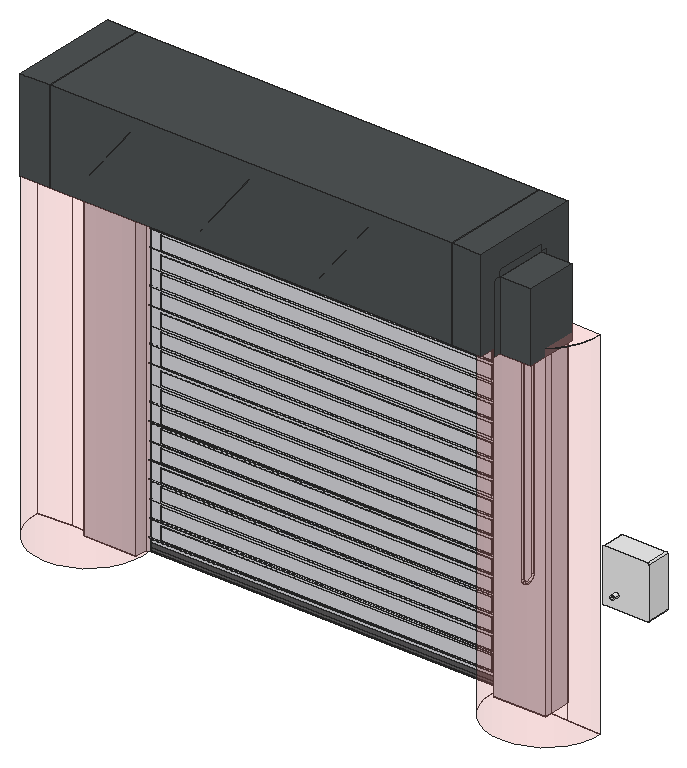
Revit family "RapidView-High-Speed-Exterior-Metal-Door_OHD_Model-999_compact", category Specialty Equipment, host Wall, Revit 2023
Family settings
  Host = Wall
  Round Connector Dimension = Use Diameter
  Part Type = Normal
  OmniClass Number = 23.30.10.21.34
  OmniClass Title = Industrial Doors
  Enable Cutting in Views = No
  Always vertical = Yes
  Cut with Voids When Loaded = No
  Maintain Annotation Orientation = No
  Shared = No
  Room Calculation Point = No
Parameters (values of type "230 volts, three phase, 60 Hz (208-245V range)")
  Version = "1.00.01"  # constant formula
  True Width [instance] = [Door Width (Real)]  # 10' - 0"
  True Height [instance] = [Door Height (Real)]  # 10' - 0"
  Slat Type [instance] = if(or(Slat Option < 1, Slat Option = 1), "Perforated Aluminum Slats", "Polycarbonate Panels")  # "Perforated Aluminum Slats"
  Slat Option [instance] = 1
  Slat Material = Metal - Overhead Door - Silver
  Slat Height = 0' - 5 13/16"  # constant formula
  Real Width [instance] = roundup([Door Width (Real)] / 1' 0")  # 10
  Product Page URL = "https://www.overheaddoor.com/high-speed-doors-999"
  Powder Coat (Note) = "PowderGuard® Premium powder coat options are available in approximately 200 colors as well as custom matching to specification. "  # constant formula
  Number of Slats [instance] = roundup(([Door Height (Real)] - [Bottom Rail (Width)]) / Slat Height)  # 20
  Motor Cover [instance] = yes
  Lookup Table = "Door Limits"  # constant formula
  Hood Option [instance] = yes
  Hood Material = Metal - Overhead Door - Black
  Headroom Height [instance] = if(or(Header Option < 1, Header Option = 1), 2' 8", 3' 2")  # 2' - 8"
  Header Type [instance] = if(or(Header Option < 1, Header Option = 1), "Standard Header", "Large Header")  # "Standard Header"
  Header Option [instance] = if(or(True Height < 15' 0", True Height = 15' 0"), 1, 2)  # 1
  Guide Type [instance] = if(or(Guide Option < 1, Guide Option = 1), "Wide Guide - Non-Insulated", "Slim Guide - Non-Insulated")  # "Wide Guide - Non-Insulated"
  Guide Option [instance] = 1
  External Transformer = no
  Door Width (Real) [instance] = if(Door Width > Max Door Width, Max Door Width, if(Door Width < Min Door Width, Min Door Width, Door Width))  # 10' - 0"
  Door Height (Real) [instance] = if(Door Height > Max Door Height, Max Door Height, if(Door Height < Min Door Height, Min Door Height, Door Height))  # 10' - 0"
  Rough Width [instance] = [Door Width (Real)]  # 10' - 0"
  Rough Height [instance] = [Door Height (Real)] - 0' 1 1/4"  # 9' - 10 3/4"
  Opening Width [instance] = Rough Width  # 10' - 0"
  Opening Height [instance] = Rough Height  # 9' - 10 3/4"
  Voltage = 230 V
  URL = "https://www.overheaddoor.com/"
  Product data url = "https://www.bimobject.com/overhead-door/product/high-speed-exterior-metal-door-999"
  Product Guid = "43756f85-a70e-4d2b-9fa5-82196fc7ed30"
  Power Factor = 1
  Number of Poles = 3
  Model = "999"  # constant formula
  Min Door Width [instance] = 4' - 0"  # constant formula
  Min Door Height [instance] = 2' - 0"  # constant formula
  Max Door Width [instance] = 20' - 0"  # constant formula
  Max Door Height [instance] = if(and(Slat Option > 1, Guide Option < 2), size_lookup(Lookup Table, "A", 21' 0", Real Width), if(and(Slat Option > 1, Guide Option > 1), size_lookup(Lookup Table, "B", 21' 0", Real Width), if(and(Slat Option < 2, Guide Option < 2), size_lookup(Lookup Table, "C", 21' 0", Real Width), size_lookup(Lookup Table, "D", 21' 0", Real Width))))  # 21' - 0"
  Manufacturer = "Overhead Door Corporation"  # constant formula
  Frequency = 60 Hz  # constant formula
  Wall Closure = By host
  Floor To (CL) of Shaft [instance] = if(or(Header Option < 1, Header Option = 1), Opening Height + 1' 4", Opening Height + 1' 7 161/256")  # 11' - 2 3/4"
  Dimensions Limit (Note) [instance] = "Maximum Height dependant on Width input, see specifications for further detail"  # constant formula
  Default Elevation = 0' - 0"
  Date Updated = "2026/05/29"  # constant formula
  Connector Description = "Rapidflex Large Control Panel"  # constant formula
  Finish Material = Metal - Overhead Door - Silver
  Door Width [instance] = 10' - 0"
  Door Height [instance] = 10' - 0"
  Description = "Sleek and sophisticated RapidView® Model 999 is a full view door featuring scratch-resistant polycarbonate panels with opening speeds up to 80” per second. Engineered for high cycles and easy operation, RapidView® Model 999 has been independently tested and is capable of wind load up to 50 psf*. The simple install and low maintenance add to the attractiveness of the door and features completely hinged guides, fully assembled curtains and pre-wired motor connection. RapidView® Model 999 is perfect for high traffic applications requiring aesthetic appeal and visibility."  # constant formula
  Current = 20 A
  Clearance [instance] = yes
  Center Stiles [instance] = if(or(True Width < 12' 6", True Width = 12' 6"), 1 = 2, 1 = 1)  # no
  Bottom Rail (Width) = 0' - 9 3/8"  # constant formula
  BimObject_Variable_Connectors = "No"  # constant formula
  Backroom Depth [instance] = if(or(Header Option < 1, Header Option = 1), 3' 0 1/2", 3' 6 1/2")  # 3' - 0 1/2"
  Apparent Load Phase 3 = if(Number of Poles = 1, 0 VA, (Voltage * Current * sqrt(3)) / 3)  # 2655.81 VA
  Apparent Load Phase 2 = if(Number of Poles = 1, 0 VA, (Voltage * Current * sqrt(3)) / 3)  # 2655.81 VA
  Apparent Load Phase 1 = if(Number of Poles = 1, Voltage * Current, (Voltage * Current * sqrt(3)) / 3)  # 2655.81 VA
  Actual Number of Slats [instance] = roundup(([Door Height (Real)] - [Bottom Rail (Width)]) / Slat Height + 1)  # 21
Reference planes (in)
  plane 1 "Center (Front/Back)": y = 0
  plane 2 "Center (Left/Right)": x = 0
  plane 3 "Left": x = -60
  plane 4 "Right": x = 60
  plane 5 "Top": z = 120
  plane 6 "Exterior": y = 3
  plane 7 "Interior": y = -3
  plane 8: x = 60
  plane 9: x = -60
  plane 10: z = 118.75
  plane 11: z = 150.75
  plane 12 "Main": y = -7.11719
  plane 13: y = -39.5
  plane 14 "Bottom Rail": z = 9.375
  plane 15 "Main Door Block": y = -3
  plane 16: z = 47.47
  plane 17: z = 2.5
  plane 18: y = -7.61719
  plane 19: y = -6.61719
  plane 20 "1st Bottom Slat": z = 2.5
  plane 21: z = 79.125
  plane 22: z = 15.1875
  plane 23: z = 3.5625
  plane 24: x = -20
  plane 25: x = 20
  plane 26: x = -60
  plane 27: x = 60
Forms (in)
  Extrusion 1, solid, material "Plastic - Overhead Door - Nylon"
    sketch origin (0, 0, 0) x (0, 1, 0) y (0, 0, 1)
      loop
        line (-7.61719, 2.5) -> (-7.61719, 1.064) -> (-7.73131, 0.25198) -> (-7.93536, 0) -> (-6.29902, 0) -> (-6.50307, 0.25198) -> (-6.61719, 1.064) -> (-6.61719, 2.5) -> (-7.61719, 2.5)
    from -60 to 60
  Extrusion 2, solid, material "Metal - Overhead Door - Clear", visible <- "Center Stiles"
    sketch origin (0, -7.11719, 0) x (0, 0, -1) y (-1, 0, 0)
      loop
        line (-2.5, 21) -> (-120, 21) -> (-120, 19) -> (-2.5, 19) -> (-2.5, 21)
      loop
        line (-2.5, -19) -> (-120, -19) -> (-120, -21) -> (-2.5, -21) -> (-2.5, -19)
    from -0.692 to 0.68698
Lines and regions (in)
  Opening 1
    outline origin (-90, -3, 0) x (1, 0, 0) y (0, 0, 1)
      loop
        line (30, 0) -> (150, 0) -> (150, 118.75) -> (30, 118.75) -> (30, 0)
Text (in)
  text "Exterior" at (-74.96733, 27.31104, 0), in view "Ref. Level"
  text "Interior" at (-74.96733, -25.14366, 0), in view "Ref. Level"
  text "Exterior" at (0, 40.15149, 123.01588), in view "Right"
  text "Interior" at (0, -64.39139, 123.01588), in view "Right"
  text "Interior" at (0, -31.01599, 123.00693), in view "Left"
  text "Exterior" at (0, 54.57065, 123.00693), in view "Left"
Dimensions and locks (in)
  equal spacing: plane 3 "Left", plane 2 "Center (Left/Right)", plane 4 "Right"
  "Door Height (Real)": level to plane 5 "Top"
  "Door Width (Real)": plane 3 "Left" to plane 4 "Right"
  host wall to plane 5 "Top" = 10' - 0"
  level to host wall = 38' - 3.59655"
  "Rough Height": level to plane 10
  equal spacing: plane 9, plane 2 "Center (Left/Right)", plane 8
  "Rough Width": plane 8 to plane 9
  "Headroom Height": plane 10 to plane 11
  "Backroom Depth": plane 7 "Interior" to plane 13
  "Bottom Rail (Width)": plane 14 "Bottom Rail" to level
  plane 10 to level = 9' - 10 3/4"
  locked: plane 15 "Main Door Block" to plane 12 "Main" at 4.11719
  plane 1 "Center (Front/Back)" to plane 7 "Interior" = 0' - 3"
  equal spacing: plane 18, plane 12 "Main", plane 19
  locked: plane 18 to plane 19 at 1
  locked: Extrusion 1 sketch curve to Extrusion 1 sketch curve at 0.82  (x2)
  locked: plane 17 to Extrusion 1 sketch curve at 1.436  (x2)
  locked: plane 20 "1st Bottom Slat" to level at 2.5
  "Slat Height": plane 22 to plane 14 "Bottom Rail"
  locked: plane 23 to level at 3.5625
  plane 20 "1st Bottom Slat" to plane 23 = 0' - 1 1/16"
  equal spacing: group 1, group 2, group 3, group 4, group 5, group 6, group 7, group 8, group 9, group 10, group 11, group 12, group 13, group 14, group 15, group 16, group 17, group 18, group 19, group 20  (x3)
  locked: Extrusion 2 sketch curve to Extrusion 2 sketch curve at 2  (x2)
  equal spacing: Extrusion 2 sketch curve, plane 24, Extrusion 2 sketch curve
  equal spacing: Extrusion 2 sketch curve, plane 25, Extrusion 2 sketch curve
  equal spacing: plane 26, plane 24, plane 25, plane 27
  locked: Extrusion 1 sketch curve to Extrusion 1 sketch curve (angle 172.00°)  (x2)
  locked: Extrusion 1 sketch curve to Extrusion 1 sketch curve (angle 149.00°)  (x2)
  aligned and locked: Opening 1 sketch curve to level
  aligned and locked: plane 6 "Exterior" to host wall
  aligned and locked: host wall to plane 7 "Interior"
  aligned and locked: plane 9 to Opening 1 sketch curve
  aligned and locked: plane 8 to Opening 1 sketch curve
  aligned and locked: Opening 1 sketch curve to plane 10
  aligned and locked: Extrusion 1 to plane 4 "Right"
  aligned and locked: plane 3 "Left" to Extrusion 1
  aligned and locked: nested 1 to plane 7 "Interior"
  aligned and locked: nested 1 to plane 2 "Center (Left/Right)"
  aligned and locked: level to nested 1
  aligned and locked: plane 15 "Main Door Block" to plane 7 "Interior"
  aligned and locked: plane 17 to Extrusion 1 sketch curve
  aligned and locked: plane 18 to Extrusion 1 sketch curve
  aligned and locked: plane 19 to Extrusion 1 sketch curve
  aligned and locked: Extrusion 1 sketch curve to level
  aligned and locked: plane 12 "Main" to nested 2
  aligned and locked: nested 3 to plane 23
  aligned and locked: nested 3 to plane 12 "Main"
  aligned and locked: nested 2 to plane 14 "Bottom Rail"
  aligned and locked: nested 4 to plane 22
  aligned and locked: plane 5 "Top" to Extrusion 2 sketch curve
  aligned and locked: plane 20 "1st Bottom Slat" to Extrusion 2 sketch curve
  aligned and locked: plane 26 to plane 9
  aligned and locked: plane 27 to plane 8
  aligned and locked: plane 12 "Main" to nested 22
Automatic sketch dimensions
  Extrusion 2 sketch curve to plane 5 "Top" = 0' - 0"
  Extrusion 2 sketch curve to plane 20 "1st Bottom Slat" = 0' - 0"
Nested families (in)
  nested 1: "Lifts" at (0, -3, 0) x (-1, 0, 0) z (0, 0, 1), Header Option <- "Header Option", Guid Option <- "Guide Option", Header Height <- "Headroom Height", Header Width <- "Backroom Depth", Motor Cover <- "Motor Cover", type "Frame Unit"
    with Spool Radius 1' - 2", Right Motor Position yes, Motor Cover Off no, Motor Cover yes, Masking Region Right Motor no, Header Width 3' - 0 1/2", Header Option 1, Header Height 2' - 8", Guid Width 1' - 5 1/4", Guid Option 1, Floor To (CL) of Shaft 11' - 2 3/4", Electric Operator Position 17' - 1 1/2", Clearance (Wide Guid) yes, Clearance (Slim Guid) no, CL Shaft Offset 1' - 0"
  nested 2: "Slat" at (0, -7.11719, 15.1875) x (1, 0, 0) z (0, 0, -1), Slat Option <- "Slat Option", type "Slat"
    with Standard Slat Bottom Rail no, Standard Slat no, Slat Option 1, Polycarbonate Slat Bottom Rail no, Polycarbonate Slat no, Perforated Slat Bottom Rail no, Perforated Slat yes, Bottom Rail no
  nested 3: "Slat" at (0, -7.11719, 3.5625), Slat Option <- "Slat Option", type "Slat"
    with Standard Slat Bottom Rail no, Standard Slat no, Slat Option 1, Polycarbonate Slat Bottom Rail no, Polycarbonate Slat no, Perforated Slat Bottom Rail yes, Perforated Slat yes, Bottom Rail yes
  nested 4: "Slat" at (0, -7.11719, 21) x (1, 0, 0) z (0, 0, -1), Slat Option <- "Slat Option", type "Slat"
    with Standard Slat Bottom Rail no, Standard Slat no, Slat Option 1, Polycarbonate Slat Bottom Rail no, Polycarbonate Slat no, Perforated Slat Bottom Rail no, Perforated Slat yes, Bottom Rail no
  nested 5: "Slat" at (0, -7.11719, 26.8125) x (1, 0, 0) z (0, 0, -1), Slat Option <- "Slat Option", type "Slat"
    with Standard Slat Bottom Rail no, Standard Slat no, Slat Option 1, Polycarbonate Slat Bottom Rail no, Polycarbonate Slat no, Perforated Slat Bottom Rail no, Perforated Slat yes, Bottom Rail no
  nested 6: "Slat" at (0, -7.11719, 32.625) x (1, 0, 0) z (0, 0, -1), Slat Option <- "Slat Option", type "Slat"
    with Standard Slat Bottom Rail no, Standard Slat no, Slat Option 1, Polycarbonate Slat Bottom Rail no, Polycarbonate Slat no, Perforated Slat Bottom Rail no, Perforated Slat yes, Bottom Rail no
  nested 7: "Slat" at (0, -7.11719, 38.4375) x (1, 0, 0) z (0, 0, -1), Slat Option <- "Slat Option", type "Slat"
    with Standard Slat Bottom Rail no, Standard Slat no, Slat Option 1, Polycarbonate Slat Bottom Rail no, Polycarbonate Slat no, Perforated Slat Bottom Rail no, Perforated Slat yes, Bottom Rail no
  nested 8: "Slat" at (0, -7.11719, 44.25) x (1, 0, 0) z (0, 0, -1), Slat Option <- "Slat Option", type "Slat"
    with Standard Slat Bottom Rail no, Standard Slat no, Slat Option 1, Polycarbonate Slat Bottom Rail no, Polycarbonate Slat no, Perforated Slat Bottom Rail no, Perforated Slat yes, Bottom Rail no
  nested 9: "Slat" at (0, -7.11719, 50.0625) x (1, 0, 0) z (0, 0, -1), Slat Option <- "Slat Option", type "Slat"
    with Standard Slat Bottom Rail no, Standard Slat no, Slat Option 1, Polycarbonate Slat Bottom Rail no, Polycarbonate Slat no, Perforated Slat Bottom Rail no, Perforated Slat yes, Bottom Rail no
  nested 10: "Slat" at (0, -7.11719, 55.875) x (1, 0, 0) z (0, 0, -1), Slat Option <- "Slat Option", type "Slat"
    with Standard Slat Bottom Rail no, Standard Slat no, Slat Option 1, Polycarbonate Slat Bottom Rail no, Polycarbonate Slat no, Perforated Slat Bottom Rail no, Perforated Slat yes, Bottom Rail no
  nested 11: "Slat" at (0, -7.11719, 61.6875) x (1, 0, 0) z (0, 0, -1), Slat Option <- "Slat Option", type "Slat"
    with Standard Slat Bottom Rail no, Standard Slat no, Slat Option 1, Polycarbonate Slat Bottom Rail no, Polycarbonate Slat no, Perforated Slat Bottom Rail no, Perforated Slat yes, Bottom Rail no
  nested 12: "Slat" at (0, -7.11719, 67.5) x (1, 0, 0) z (0, 0, -1), Slat Option <- "Slat Option", type "Slat"
    with Standard Slat Bottom Rail no, Standard Slat no, Slat Option 1, Polycarbonate Slat Bottom Rail no, Polycarbonate Slat no, Perforated Slat Bottom Rail no, Perforated Slat yes, Bottom Rail no
  nested 13: "Slat" at (0, -7.11719, 73.3125) x (1, 0, 0) z (0, 0, -1), Slat Option <- "Slat Option", type "Slat"
    with Standard Slat Bottom Rail no, Standard Slat no, Slat Option 1, Polycarbonate Slat Bottom Rail no, Polycarbonate Slat no, Perforated Slat Bottom Rail no, Perforated Slat yes, Bottom Rail no
  nested 14: "Slat" at (0, -7.11719, 79.125) x (1, 0, 0) z (0, 0, -1), Slat Option <- "Slat Option", type "Slat"
    with Standard Slat Bottom Rail no, Standard Slat no, Slat Option 1, Polycarbonate Slat Bottom Rail no, Polycarbonate Slat no, Perforated Slat Bottom Rail no, Perforated Slat yes, Bottom Rail no
  nested 15: "Slat" at (0, -7.11719, 84.9375) x (1, 0, 0) z (0, 0, -1), Slat Option <- "Slat Option", type "Slat"
    with Standard Slat Bottom Rail no, Standard Slat no, Slat Option 1, Polycarbonate Slat Bottom Rail no, Polycarbonate Slat no, Perforated Slat Bottom Rail no, Perforated Slat yes, Bottom Rail no
  nested 16: "Slat" at (0, -7.11719, 90.75) x (1, 0, 0) z (0, 0, -1), Slat Option <- "Slat Option", type "Slat"
    with Standard Slat Bottom Rail no, Standard Slat no, Slat Option 1, Polycarbonate Slat Bottom Rail no, Polycarbonate Slat no, Perforated Slat Bottom Rail no, Perforated Slat yes, Bottom Rail no
  nested 17: "Slat" at (0, -7.11719, 96.5625) x (1, 0, 0) z (0, 0, -1), Slat Option <- "Slat Option", type "Slat"
    with Standard Slat Bottom Rail no, Standard Slat no, Slat Option 1, Polycarbonate Slat Bottom Rail no, Polycarbonate Slat no, Perforated Slat Bottom Rail no, Perforated Slat yes, Bottom Rail no
  nested 18: "Slat" at (0, -7.11719, 102.375) x (1, 0, 0) z (0, 0, -1), Slat Option <- "Slat Option", type "Slat"
    with Standard Slat Bottom Rail no, Standard Slat no, Slat Option 1, Polycarbonate Slat Bottom Rail no, Polycarbonate Slat no, Perforated Slat Bottom Rail no, Perforated Slat yes, Bottom Rail no
  nested 19: "Slat" at (0, -7.11719, 108.1875) x (1, 0, 0) z (0, 0, -1), Slat Option <- "Slat Option", type "Slat"
    with Standard Slat Bottom Rail no, Standard Slat no, Slat Option 1, Polycarbonate Slat Bottom Rail no, Polycarbonate Slat no, Perforated Slat Bottom Rail no, Perforated Slat yes, Bottom Rail no
  nested 20: "Slat" at (0, -7.11719, 114) x (1, 0, 0) z (0, 0, -1), Slat Option <- "Slat Option", type "Slat"
    with Standard Slat Bottom Rail no, Standard Slat no, Slat Option 1, Polycarbonate Slat Bottom Rail no, Polycarbonate Slat no, Perforated Slat Bottom Rail no, Perforated Slat yes, Bottom Rail no
  nested 21: "Slat" at (0, -7.11719, 119.8125) x (1, 0, 0) z (0, 0, -1), Slat Option <- "Slat Option", type "Slat"
    with Standard Slat Bottom Rail no, Standard Slat no, Slat Option 1, Polycarbonate Slat Bottom Rail no, Polycarbonate Slat no, Perforated Slat Bottom Rail no, Perforated Slat yes, Bottom Rail no
  nested 22: "Slat" at (0, -7.11719, 125.625) x (1, 0, 0) z (0, 0, -1), Slat Option <- "Slat Option", type "Slat"
    with Standard Slat Bottom Rail no, Standard Slat no, Slat Option 1, Polycarbonate Slat Bottom Rail no, Polycarbonate Slat no, Perforated Slat Bottom Rail no, Perforated Slat yes, Bottom Rail no
Connectors (in)
  electrical at (102.74935, -10.54, 48), driven by "Number of Poles", driven by "Voltage", driven by "Power Factor", driven by "Connector Description", driven by "Apparent Load Phase 1", driven by "Apparent Load Phase 2", driven by "Apparent Load Phase 3"
    settings: on nested 1, index 1, voltage 230 V, apparent load 0 VA, apparent load phase1 2655.81 VA, apparent load phase2 2655.81 VA, apparent load phase3 2655.81 VA, power factor 1, load classification "Other", number of poles 3, system type 31, power factor state 1, is connector primary yes, connector utility no, sub classification motor no, connector description "Rapidflex Large Control Panel"
Definition of nested family "Lifts"
  Parameters (values of type "Frame Unit")
    Spool Radius [instance] = if(or(Header Option < 1, Header Option = 1), 1' 2", 1' 5.7")  # 1' - 5.7"
    Shaft Material = none
    Right Motor Position [instance] = yes
    Opening Width = 10' - 0"
    Naked Header = not(Hood Option)  # no
    Motor Cover Off [instance] = not(Motor Cover)  # no
    Motor Cover [instance] = yes
    Masking Region Right Motor [instance] = if(and(Right Motor Position, Motor Cover Off), 1 = 1, 1 = 2)  # no
    Hood Option = yes
    Hood Material = none
    Header Width [instance] = 3' - 6 1/2"
    Header Option [instance] = 2
    Header Height [instance] = 3' - 2"
    Guid Width [instance] = if(Guid Option > 1, 1' 0.63", 1' 5 1/4")  # 1' - 5 1/4"
    Guid Option [instance] = 1
    External Transformer = no
    Electric Operator Position [instance] = if(Right Motor Position, (3' 6 3/4" * 2 + Opening Width), 0' 0")  # 17' - 1 1/2"
    Clearance (Wide Guid) [instance] = if(and(Clearance, Guid Option < 2), 1 < 2, 1 > 2)  # yes
    Clearance (Slim Guid) [instance] = if(and(Clearance, Guid Option > 1), 1 < 2, 1 > 2)  # no
    Clearance = yes
    Opening Height = 9' - 10 3/4"
    Floor To (CL) of Shaft [instance] = if(or(Header Option < 1, Header Option = 1), Opening Height + 1' 4", Opening Height + 1' 7.63")  # 11' - 6.38"
    Finish Material = none
    CL Shaft Offset [instance] = if(or(Header Option < 1, Header Option = 1), 1' 0", 1' 4.53")  # 1' - 4.53"
    Analytic Construction = "<None>"
  Reference planes (in)
    plane 1 "Center (Front/Back)": y = 0
    plane 2: z = 0
    plane 3 "Center (Left/Right)": x = 0
    plane 4 "Left": x = -60
    plane 5 "Right": x = 60
    plane 6 "Center Line of Shaft": z = 138.38
    plane 7 "Headroom Top": z = 156.75
    plane 8 "Opening Height": z = 118.75
    plane 9: x = -87.5
    plane 10 "Shaft": x = -75.54413
    plane 11 "Box": x = -102.74935
    plane 12 "EBOX": z = 48
    plane 13: z = 39.09375
    plane 14: z = 56.90625
    plane 15: z = 43.5
    plane 16: y = 16.53
    plane 17: y = 7.54
    plane 18: x = 72.81
    plane 19: y = 2.73
    plane 20: y = 5.5094
    plane 21: y = 7.25
    plane 22: z = 120
    plane 23: x = -72.81
    plane 24: x = -40
    plane 25: x = -20
    plane 26: x = 0
    plane 27: z = 122.5
    plane 28: z = 154.25
    plane 29: x = 20
    plane 30: x = 40
    plane 31: y = 42.5
    plane 32: x = 87.5
    plane 33: y = 7.28
    plane 34: x = -77.68
    plane 35: x = 77.68
    plane 36: x = 77.25
    plane 37: x = -77.25
    plane 38: x = -94.99935
    plane 39: x = -110.49935
    plane 40 "Center L/MM": x = 75.54413
    plane 41 "Center L/NN": x = 102.75065
  Forms (in)
    Extrusion 1, solid, material <- "Shaft Material"
      sketch origin (0, 0, 0) x (0, 1, 0) y (0, 0, 1)
        loop
          circle (21.25, 138.38) r 0.78
      from -87.5 to 87.5
    Extrusion 2, solid, material <- "Hood Material"
      sketch origin (60, 0, 0) x (0, -1, 0) y (0, 0, 1)
        loop
          circle (-21.25, 138.38) r 17.7
      from -6.97 to -16.504
    Extrusion 3, solid, material <- "Shaft Material"
      sketch origin (0, 0, 138.38) x (-1, 0, 0) y (0, -1, 0)
        loop
          line (-76.504, -16.61) -> (-76.745, -16.61) -> (-76.745, -23.86) -> (-76.504, -23.86) -> (-76.504, -16.61)
        loop
          line (76.504, -16.61) -> (76.504, -23.86) -> (76.745, -23.86) -> (76.745, -16.61) -> (76.504, -16.61)
      from 5.62 to -3
    Extrusion 4, solid
      sketch origin (-1.95651, 0, 0) x (1, 0, 0) y (0, 0, 1)
        loop
          line (-93.54284, 56.90625) -> (-108.04284, 56.90625)
          arc (-108.04284, 56.90625) -> (-108.39639, 56.7598) -> (-108.54284, 56.40625) r 0.5
          line (-108.54284, 56.40625) -> (-108.54284, 39.59375)
          arc (-108.54284, 39.59375) -> (-108.39639, 39.2402) -> (-108.04284, 39.09375) r 0.5
          line (-108.04284, 39.09375) -> (-93.54284, 39.09375)
          arc (-93.54284, 39.09375) -> (-93.18929, 39.2402) -> (-93.04284, 39.59375) r 0.5
          line (-93.04284, 39.59375) -> (-93.04284, 56.40625)
          arc (-93.04284, 56.40625) -> (-93.18929, 56.7598) -> (-93.54284, 56.90625) r 0.5
      from -7.54 to 0
    Revolve 5, solid, visible <- "Right Motor Position"
      sketch origin (-55.03203, -180, 43.5) x (-1, 0, 0) y (0, -1, 0)
        loop
          line (44.35732, -187.54) -> (43.60732, -187.54) -> (43.75732, -189.312) -> (44.35732, -189.312) -> (44.35732, -187.54)
        axis (44.35732, -187.54) -> (44.35732, -189.312)
      angle from 0 to 360
    Extrusion 6, solid, material <- "Finish Material"
      sketch origin (0, 0, 0) x (1, 0, 0) y (0, 1, 0)
        loop
          line (60, 0) -> (77.25, 0) -> (77.25, 9.5) -> (60, 9.5) -> (60, 5.5094) -> (59, 4.80919) -> (59, 3.43021) -> (60, 2.73) -> (60, 0)
        loop
          line (-77.25, 0) -> (-60, 0) -> (-60, 2.73) -> (-59, 3.43021) -> (-59, 4.80919) -> (-60, 5.5094) -> (-60, 9.5) -> (-77.25, 9.5) -> (-77.25, 0)
      from 0 to 120
    Extrusion 7, solid, visible <- "Clearance (Slim Guid)"
      sketch origin (0, 0, 0) x (1, 0, 0) y (0, 1, 0)
        loop
          line (59.00502, 4.81271) -> (60, 5.5094) -> (60, 9.5) -> (72.625, 9.5) -> (72.625, 7.25) -> (72.86879, 7.25) -> (85.75065, 7.92511)
          arc (85.75065, 7.92511) -> (70.70003, 20.78662) -> (59.00502, 4.81271) r 13.50118
        loop
          arc (-59.00502, 4.81271) -> (-70.69873, 20.79785) -> (-85.75065, 7.92511) r 13.50197
          line (-85.75065, 7.92511) -> (-72.86879, 7.25) -> (-72.625, 7.25) -> (-72.625, 9.5) -> (-60, 9.5) -> (-60, 5.5094) -> (-59.00502, 4.81271)
      from 0 to 120
    Extrusion 8, solid, material <- "Hood Material", visible <- "Hood Option"
      sketch origin (0, 0, 0) x (0, 1, 0) y (0, 0, 1)
        loop
          line (0, 120) -> (42.5, 120) -> (42.5, 156.75) -> (0, 156.75) -> (0, 120)
      from -67.475 to 67.475
    Sweep 9, solid, material <- "Hood Material"
      path origin (0, 0, 0) x (0, 1, 0) y (0, 0, 1)
        loop
          line (0, 120) -> (42.5, 120) -> (42.5, 156.75) -> (0, 156.75) -> (0, 120)
      profile origin (0, 0, 138.375) x (0, -1, 0) y (1, 0, 0)
        loop
          line (0, 67.475) -> (0, 77.25) -> (-0.5, 77.25) -> (-0.5, 67.475) -> (0, 67.475)
        loop
          line (0, -67.475) -> (-0.5, -67.475) -> (-0.5, -77.25) -> (0, -77.25) -> (0, -67.475)
    Extrusion 10, solid, material <- "Hood Material"
      sketch origin (0, 0, 0) x (1, 0, 0) y (0, 1, 0)
        loop
          line (77.25, 0) -> (77.25, 42.5) -> (76.745, 42.5) -> (76.745, 0) -> (77.25, 0)
        loop
          line (-77.25, 0) -> (-76.745, 0) -> (-76.745, 42.5) -> (-77.25, 42.5) -> (-77.25, 0)
      from 120 to 156.75
    Extrusion 11, solid, material <- "Hood Material"
      sketch origin (0, 0, 0) x (0, 1, 0) y (0, 0, 1)
        loop
          line (0.5, 120.5) -> (2.5, 120.5) -> (2.5, 124.5) -> (0.5, 124.5) -> (0.5, 120.5)
        loop
          line (0.5, 156.25) -> (0.5, 152.25) -> (2.5, 152.25) -> (2.5, 156.25) -> (0.5, 156.25)
        loop
          line (42, 156.25) -> (40, 156.25) -> (40, 152.25) -> (42, 152.25) -> (42, 156.25)
        loop
          line (42, 120.5) -> (42, 124.5) -> (40, 124.5) -> (40, 120.5) -> (42, 120.5)
      from -76.745 to 76.745
    Sweep 12, solid, material <- "Hood Material"
      path origin (0, 0, 0) x (1, 0, 0) y (0, 0, 1)
        loop
          line (-60, 121.5) -> (-60, 122.5) -> (-40, 154.25) -> (-20, 122.5) -> (0, 154.25) -> (20, 122.5) -> (40, 154.25) -> (60, 122.5) -> (60, 121.5)
      profile origin (-60, 0, 122) x (-1, 0, 0) y (0, -1, 0)
        loop
          line (1, -0.5) -> (-1, -0.5) -> (-1, -2.5) -> (1, -2.5) -> (1, -0.5)
        loop
          line (1, -40) -> (-1, -40) -> (-1, -42) -> (1, -42) -> (1, -40)
    Extrusion 13, void
      sketch origin (0, 0, 0) x (1, 0, 0) y (0, 0, 1)
        loop
          line (-78.35432, 152.25) -> (80.245, 152.25) -> (80.245, 186.25) -> (-78.35432, 186.25) -> (-78.35432, 152.25)
        loop
          line (80.245, 105.5) -> (80.245, 124.5) -> (-78.35432, 124.5) -> (-78.35432, 105.5) -> (80.245, 105.5)
      from 0 to -42.5
    Extrusion 14, solid, visible <- "Clearance (Wide Guid)"
      sketch origin (0, 0.03, 0) x (1, 0, 0) y (0, 1, 0)
        loop
          arc (-59, 4.77919) -> (-74.94522, 26.56962) -> (-94.4, 7.84572) r 17.92829
          line (-94.4, 7.84572) -> (-83.03307, 7.25) -> (-77.495, 7.25) -> (-77.495, 9.5) -> (-60, 9.5) -> (-60, 5.4794) -> (-59, 4.77919)
        loop
          line (59, 4.77919) -> (60, 5.4794) -> (60, 9.5) -> (77.495, 9.5) -> (77.495, 7.25) -> (83.03307, 7.25) -> (94.4, 7.84572)
          arc (94.4, 7.84572) -> (74.94522, 26.56962) -> (59, 4.77919) r 17.92829
      from 0 to 120
    Extrusion 15, solid, material <- "Hood Material"
      sketch origin (-60, -60, 48) x (0, -1, 0) y (0, 0, 1)
        loop
          circle (-81.25, 90.38) r 17.7
      from 6.97 to 16.504
    Extrusion 16, solid, visible <- "External Transformer"
      sketch origin (0, 0, 48) x (1, 0, 0) y (0, 1, 0)
        loop
          line (-109.62435, 0) -> (-95.87435, 0) -> (-95.87435, 0.125) -> (-98.24935, 0.125) -> (-98.24935, 9.3125) -> (-107.24935, 9.3125) -> (-107.24935, 0.125) -> (-109.62435, 0.125) -> (-109.62435, 0)
      from -19.13 to -10
  Cuts and joins
    joined: Sweep 9, Extrusion 10
    Extrusion 13 cuts Sweep 12
  Lines and regions (in)
    Masking region 1
      outline origin (0, 0, 0) x (1, 0, 0) y (0, 1, 0)
        loop
          line (-110.49935, 0) -> (-94.99935, 0) -> (-94.99935, 7.54) -> (-110.49935, 7.54) -> (-110.49935, 0)
    Masking region 2, visible <- "Right Motor Position"
      outline origin (0, 0, 0) x (1, 0, 0) y (0, 1, 0)
        loop
          line (-98.63935, 7.54) -> (-98.78935, 9.312) -> (-99.98935, 9.312) -> (-100.13935, 7.54) -> (-98.63935, 7.54)
    Masking region 3, visible <- "Naked Header"
      outline origin (0, 0, 0) x (1, 0, 0) y (0, 1, 0)
        loop
          line (-77.25, 42.5) -> (-77.25, 0) -> (-67.475, 0) -> (-67.475, 3.55) -> (-66.97, 3.55) -> (-66.97, 38.95) -> (-67.475, 38.95) -> (-67.475, 42.5) -> (-77.25, 42.5)
        loop
          line (67.475, 42.5) -> (67.475, 38.95) -> (66.97, 38.95) -> (66.97, 3.55) -> (67.475, 3.55) -> (67.475, 0) -> (77.25, 0) -> (77.25, 42.5) -> (67.475, 42.5)
    Masking region 4, visible <- "Naked Header"
      outline origin (0, 0, 0) x (1, 0, 0) y (0, 1, 0)
        loop
          line (67.475, 2.5) -> (-67.475, 2.5) -> (-67.475, 0.5) -> (67.475, 0.5) -> (67.475, 2.5)
        loop
          line (-66.97, 22.03) -> (-66.97, 20.47) -> (66.97, 20.47) -> (66.97, 22.03) -> (-66.97, 22.03)
        loop
          line (-67.475, 40) -> (67.475, 40) -> (67.475, 42) -> (-67.475, 42) -> (-67.475, 40)
    Masking region 5, visible <- "Naked Header"
      outline origin (0, 0, 0) x (1, 0, 0) y (0, 1, 0)
        loop
          line (-77.25, 9.5) -> (-77.25, 0) -> (-60, 0) -> (-60, 2.73) -> (-59, 3.43021) -> (-59, 4.80919) -> (-60, 5.5094) -> (-60, 9.5) -> (-77.25, 9.5)
        loop
          line (60, 0) -> (77.25, 0) -> (77.25, 9.5) -> (60, 9.5) -> (60, 5.5094) -> (59, 4.80919) -> (59, 3.43021) -> (60, 2.73) -> (60, 0)
    Masking region 6, visible <- "Hood Option"
      outline origin (0, 0, 0) x (1, 0, 0) y (0, 1, 0)
        loop
          line (77.25, 42.5) -> (-77.25, 42.5) -> (-77.25, 0) -> (77.25, 0) -> (77.25, 42.5)
    Masking region 7, visible <- "Naked Header"
      outline origin (0, 0, 0) x (1, 0, 0) y (0, 1, 0)
        loop
          line (-59.1721, 4.9297) -> (-59, 4.80919) -> (-59, 3.43021) -> (-59.1721, 3.3097) -> (59.1721, 3.3097) -> (59, 3.43021) -> (59, 4.80919) -> (59.1721, 4.9297) -> (-59.1721, 4.9297)
    Masking region 8, visible <- "Masking Region Right Motor"
      outline origin (0, 0, 0) x (1, 0, 0) y (0, 1, 0)
        loop
          line (-77.25, 22.03) -> (-79.18006, 22.03) -> (-79.18006, 21.92998) -> (-80.41413, 21.92998) -> (-80.41413, 22.03) -> (-81.009, 22.03) -> (-81.009, 21.43043) -> (-80.479, 21.43043) -> (-80.479, 20.47) -> (-77.25, 20.47) -> (-77.25, 22.03)
        loop
          line (-87.5, 22.03) -> (-87.5, 20.47) -> (-85.479, 20.47) -> (-85.479, 21.43043) -> (-84.949, 21.43043) -> (-84.949, 22.03) -> (-87.5, 22.03)
    Masking region 9, visible <- "Right Motor Position"
      outline origin (0, 0, 0) x (1, 0, 0) y (0, 1, 0)
        loop
          line (87.5, 22.03) -> (77.25, 22.03) -> (77.25, 20.47) -> (87.5, 20.47) -> (87.5, 22.03)
    Masking region 10, visible <- "External Transformer"
      outline origin (0, 0, 0) x (1, 0, 0) y (0, 1, 0)
        loop
          line (-107.24935, 7.54) -> (-98.24935, 7.54) -> (-98.24935, 9.3125) -> (-107.24935, 9.3125) -> (-107.24935, 7.54)
    symbolic lines
      curve 1: line (-67.475, 42.5, 0) -> (-67.475, 0, 0)
      curve 2: line (67.475, 0, 0) -> (67.475, 42.5, 0)
  Dimensions and locks (in)
    equal spacing: plane 4 "Left", plane 3 "Center (Left/Right)", plane 5 "Right"
    "Opening Width": plane 4 "Left" to plane 5 "Right"
    "Header Height": plane 7 "Headroom Top" to plane 8 "Opening Height"
    "Opening Height": plane 8 "Opening Height" to level
    locked: plane 9 to plane 4 "Left" at 27.5
    locked: Extrusion 3 sketch curve to Extrusion 3 sketch curve at 0.241  (x2)
    locked: level to plane 12 "EBOX" at 48
    locked: plane 11 "Box" to Revolve 5 sketch curve at 3.36
    equal spacing: plane 14, plane 12 "EBOX", plane 13
    locked: plane 12 "EBOX" to plane 15 at 4.5
    locked: plane 13 to plane 14 at 17.8125
    locked: plane 10 "Shaft" to plane 4 "Left" at 15.54413
    locked: plane 16 to Extrusion 1 sketch curve at 4.72
    locked: plane 16 to Extrusion 2 sketch curve at 4.72
    locked: plane 16 to Extrusion 3 sketch curve at 0.08  (x2)
    locked: plane 16 to Extrusion 3 sketch curve at 7.33  (x2)
    locked: plane 17 to plane 1 "Center (Front/Back)" at 7.54
    locked: Revolve 5 sketch curve to Revolve 5 sketch curve at 0.6
    locked: Revolve 5 sketch curve to Revolve 5 sketch curve at 0.75
    locked: plane 17 to Revolve 5 sketch curve at 1.772
    "Guid Width": Extrusion 6 sketch curve to plane 4 "Left"
    "Guid Width": plane 5 "Right" to Extrusion 6 sketch curve
    locked: plane 1 "Center (Front/Back)" to plane 19 at 2.73
    locked: plane 1 "Center (Front/Back)" to plane 20 at 5.5094
    locked: Extrusion 6 sketch curve to plane 5 "Right" at 1
    locked: plane 4 "Left" to Extrusion 6 sketch curve at 1
    locked: plane 1 "Center (Front/Back)" to Extrusion 6 sketch curve at 9.5  (x2)
    locked: plane 21 to Extrusion 7 sketch curve at 2.25  (x2)
    locked: plane 1 "Center (Front/Back)" to plane 21 at 7.25
    "Header Width": plane 1 "Center (Front/Back)" to Extrusion 8 sketch curve
    locked: Extrusion 8 to plane 4 "Left" at 7.475
    locked: plane 5 "Right" to Extrusion 8 at 7.475
    locked: plane 22 to plane 8 "Opening Height" at 1.25
    "Header Width": plane 1 "Center (Front/Back)" to Sweep 9 sketch curve
    locked: plane 5 "Right" to Sweep 9 sketch curve at 7.475
    locked: Sweep 9 sketch curve to profile plane at 0.5
    "Header Width": plane 1 "Center (Front/Back)" to Extrusion 10 sketch curve  (x2)
    locked: Extrusion 7 sketch curve to plane 18 at 0.185
    locked: plane 23 to Extrusion 7 sketch curve at 0.185
    locked: Sweep 12 sketch curve to Sweep 12 sketch curve at 1  (x2)
    equal spacing: plane 4 "Left", plane 24, plane 25, plane 26, plane 29, plane 30, plane 5 "Right"
    locked: profile plane to Sweep 12 sketch curve at 1
    locked: profile plane to Sweep 12 sketch curve at 0.5
    locked: profile plane to Sweep 12 sketch curve at 2.5
    locked: plane 4 "Left" to Sweep 12 sketch curve at 1
    locked: plane 7 "Headroom Top" to plane 28 at 2.5
    equal spacing: Sweep 12 sketch curve, plane 4 "Left", Sweep 12 sketch curve
    equal spacing: Sweep 12 sketch curve, profile plane, Sweep 12 sketch curve
    locked: Masking region 3 sketch curve to Masking region 3 sketch curve at 0.505  (x2)
    locked: Masking region 4 sketch curve to plane 4 "Left" at 6.97
    locked: Masking region 4 sketch curve to plane 4 "Left" at 7.475
    locked: plane 5 "Right" to Masking region 4 sketch curve at 7.475
    locked: plane 27 to plane 8 "Opening Height" at 3.75
    locked: plane 7 "Headroom Top" to Extrusion 13 sketch curve at 4.5
    locked: Extrusion 13 sketch curve to plane 8 "Opening Height" at 5.75
    locked: Extrusion 11 to Extrusion 13 sketch curve at 19
    locked: Extrusion 13 sketch curve to Extrusion 11 at 34
    "Header Width": plane 1 "Center (Front/Back)" to plane 31
    locked: Extrusion 11 sketch curve to plane 31 at 2.5
    locked: Extrusion 11 sketch curve to plane 31 at 0.5
    locked: Sweep 12 sketch curve to plane 31 at 2.5
    locked: plane 31 to Sweep 12 sketch curve at 0.5
    "Floor To (CL) of Shaft": plane 6 "Center Line of Shaft" to level
    "CL Shaft Offset": plane 1 "Center (Front/Back)" to plane 16
    locked: plane 5 "Right" to plane 32 at 27.5
    locked: plane 33 to Extrusion 14 sketch curve at 2.25  (x2)
    locked: plane 1 "Center (Front/Back)" to plane 33 at 7.28  (x2)
    locked: plane 34 to Extrusion 14 sketch curve at 0.185
    locked: plane 4 "Left" to Extrusion 14 sketch curve at 1
    locked: plane 33 to Extrusion 14 sketch curve at 1.45822  (x2)
    locked: plane 34 to Extrusion 14 sketch curve at 1.18753
    locked: plane 35 to Extrusion 14 sketch curve at 0.185
    locked: plane 35 to Extrusion 14 sketch curve at 1.18753
    locked: Extrusion 14 sketch curve to plane 5 "Right" at 1
    locked: Extrusion 14 sketch curve to plane 34 at 5.35307
    locked: plane 35 to Extrusion 14 sketch curve at 5.35307
    locked: plane 18 to Extrusion 7 sketch curve at 12.94065
    locked: Extrusion 7 sketch curve to plane 18 at 13.80498
    locked: Extrusion 7 sketch curve to plane 18 at 0.54936
    locked: plane 21 to Extrusion 7 sketch curve at 0.12594
    locked: plane 21 to Extrusion 7 sketch curve at 0.13638
    locked: plane 23 to Extrusion 7 sketch curve at 0.55057
    locked: Extrusion 7 sketch curve to plane 23 at 12.94065
    locked: plane 5 "Right" to plane 18 at 12.81
    locked: plane 23 to plane 4 "Left" at 12.81
    locked: plane 23 to Extrusion 7 sketch curve at 13.80498
    locked: plane 34 to plane 4 "Left" at 17.68
    locked: plane 5 "Right" to plane 35 at 17.68
    locked: Extrusion 14 sketch curve to plane 34 at 16.72
    locked: plane 35 to Extrusion 14 sketch curve at 16.72
    locked: plane 5 "Right" to Masking region 4 sketch curve at 6.97
    locked: plane 37 to nested 1 at 5.729
    "Guid Width": plane 4 "Left" to plane 37
    "Guid Width": plane 5 "Right" to plane 36
    locked: Extrusion 10 sketch curve to plane 36 at 0.505
    locked: plane 37 to Extrusion 10 sketch curve at 0.505
    locked: Sweep 9 sketch curve to plane 4 "Left" at 7.475
    locked: plane 36 to Extrusion 11 at 0.505
    locked: Extrusion 11 to plane 37 at 0.505
    locked: plane 37 to Extrusion 3 sketch curve at 0.746
    locked: Extrusion 3 sketch curve to plane 36 at 0.746
    locked: Extrusion 2 to plane 36 at 0.746
    locked: plane 37 to Extrusion 15 at 0.746
    locked: plane 11 "Box" to plane 39 at 7.75
    locked: plane 38 to plane 11 "Box" at 7.75
    locked: Masking region 8 sketch curve to Masking region 8 sketch curve at 1.56
    locked: Masking region 8 sketch curve to Masking region 8 sketch curve at 0.10002
    locked: Masking region 8 sketch curve to plane 37 at 1.93006
    locked: Masking region 8 sketch curve to plane 37 at 3.16413
    locked: Masking region 8 sketch curve to plane 37 at 3.229
    locked: Masking region 8 sketch curve to plane 37 at 3.759
    locked: Masking region 8 sketch curve to plane 37 at 7.699
    locked: Masking region 8 sketch curve to plane 37 at 8.229
    locked: Masking region 8 sketch curve to Masking region 8 sketch curve at 0.59957
    locked: Masking region 9 sketch curve to Masking region 9 sketch curve at 1.56
    locked: plane 1 "Center (Front/Back)" to Extrusion 16 sketch curve at 0.125
    locked: plane 11 "Box" to Extrusion 16 sketch curve at 4.5
    locked: Extrusion 16 sketch curve to plane 11 "Box" at 4.5
    locked: Extrusion 16 sketch curve to plane 11 "Box" at 6.875
    locked: plane 11 "Box" to Extrusion 16 sketch curve at 6.875
    plane 1 "Center (Front/Back)" to Extrusion 16 sketch curve = 0' - 9 5/16"
    locked: Masking region 4 sketch curve to Masking region 4 sketch curve at 2  (x2)
    locked: Masking region 4 sketch curve to Masking region 4 sketch curve at 1.56
    locked: plane 40 "Center L/MM" to plane 5 "Right" at 15.54413
    locked: plane 40 "Center L/MM" to plane 41 "Center L/NN" at 27.20651
    equal spacing: Masking region 1 sketch curve, plane 11 "Box", Masking region 1 sketch curve
    locked: Masking region 1 sketch curve to Masking region 1 sketch curve at 15.5
    "Electric Operator Position": plane 41 "Center L/NN" to plane 11 "Box"
    locked: Extrusion 1 sketch curve to Extrusion 1 sketch curve (radius 0' - 0.78")
    "Spool Radius": radius of Extrusion 2 sketch curve
    locked: Extrusion 14 sketch curve to Extrusion 14 sketch curve (radius 1' - 5.92829")  (x2)
    locked: Extrusion 7 sketch curve to Extrusion 7 sketch curve (radius 1' - 1.50118")
    locked: Extrusion 7 sketch curve to Extrusion 7 sketch curve (radius 1' - 1.50197")
    "Spool Radius": radius of Extrusion 15 sketch curve
    locked: Extrusion 6 sketch curve to plane 20 (angle 35.00°)
    locked: plane 19 to Extrusion 6 sketch curve (angle 35.00°)
    locked: plane 20 to Extrusion 6 sketch curve (angle 35.00°)
    locked: Extrusion 6 sketch curve to plane 19 (angle 35.00°)
    locked: plane 18 to Extrusion 7 sketch curve (angle 93.00°)
    locked: Extrusion 7 sketch curve to plane 23 (angle 93.00°)
    locked: Revolve 5 to Masking region 2 sketch curve (angle 85.1614°)
    locked: Masking region 2 sketch curve to Revolve 5 (angle 85.1614°)
    locked: Extrusion 14 sketch curve to plane 34 (angle 93.00°)
    locked: plane 35 to Extrusion 14 sketch curve (angle 93.00°)
    aligned and locked: plane 2 to level
    aligned and locked: plane 6 "Center Line of Shaft" to Extrusion 1 sketch curve
    aligned and locked: plane 9 to Extrusion 1
    aligned and locked: Extrusion 4 to plane 1 "Center (Front/Back)"
    aligned and locked: Extrusion 4 sketch curve to plane 13
    aligned and locked: plane 14 to Extrusion 4 sketch curve
    aligned and locked: plane 16 to nested 1
    aligned and locked: Revolve 5 sketch curve to Revolve 5 sketch curve
    aligned and locked: Revolve 5 sketch curve to plane 17
    aligned and locked: Extrusion 6 sketch curve to plane 1 "Center (Front/Back)"
    aligned and locked: Extrusion 6 sketch curve to plane 19  (x2)
    aligned and locked: Extrusion 6 sketch curve to plane 20  (x2)
    aligned and locked: plane 21 to Extrusion 7 sketch curve
    aligned and locked: Extrusion 7 sketch curve to Extrusion 6
    aligned and locked: plane 1 "Center (Front/Back)" to Extrusion 8 sketch curve
    aligned and locked: Extrusion 8 sketch curve to plane 7 "Headroom Top"
    aligned and locked: Extrusion 8 to plane 22
    aligned and locked: plane 22 to Extrusion 8 sketch curve
    aligned and locked: plane 22 to Extrusion 7
    aligned and locked: plane 22 to Extrusion 6
    aligned and locked: plane 1 "Center (Front/Back)" to Sweep 9 sketch curve
    aligned and locked: Sweep 9 sketch curve to plane 7 "Headroom Top"
    aligned and locked: Sweep 9 sketch curve to plane 22
    aligned and locked: Sweep 9 sketch curve to profile plane
    aligned and locked: profile plane to Sweep 9 sketch curve
    aligned and locked: Sweep 9 sketch curve to Sweep 9 sketch curve
    aligned and locked: Extrusion 10 sketch curve to plane 1 "Center (Front/Back)"  (x2)
    aligned and locked: plane 7 "Headroom Top" to Extrusion 10
    aligned and locked: Extrusion 10 to plane 22
    aligned and locked: plane 27 to Sweep 12 sketch curve  (x4)
    aligned and locked: plane 4 "Left" to Sweep 12 sketch curve
    aligned and locked: Sweep 12 sketch curve to plane 5 "Right"
    aligned and locked: plane 24 to Sweep 12 sketch curve
    aligned and locked: Sweep 12 sketch curve to plane 25
    aligned and locked: plane 26 to Sweep 12 sketch curve
    aligned and locked: plane 29 to Sweep 12 sketch curve
    aligned and locked: plane 30 to Sweep 12 sketch curve
    aligned and locked: Extrusion 4 to Masking region 1 sketch curve
    aligned and locked: Masking region 1 sketch curve to Extrusion 4
    aligned and locked: Masking region 2 sketch curve to Revolve 5  (x2)
    aligned and locked: curve 1 to Extrusion 8  (x2)
    aligned and locked: curve 2 to Extrusion 8
    aligned and locked: Masking region 3 sketch curve to cut or joined group of Sweep 9, Extrusion 10  (x7)
    aligned and locked: Masking region 3 sketch curve to Extrusion 6
    aligned and locked: Extrusion 2 to Masking region 3 sketch curve
    aligned and locked: Masking region 4 sketch curve to Masking region 4 sketch curve  (x2)
    aligned and locked: Masking region 6 sketch curve to Extrusion 8
    aligned and locked: Extrusion 8 to curve 2
    aligned and locked: Masking region 3 sketch curve to Masking region 3 sketch curve  (x2)
    aligned and locked: Masking region 5 to Masking region 7 sketch curve  (x2)
    aligned and locked: Masking region 7 sketch curve to Masking region 5  (x4)
    aligned and locked: plane 28 to Sweep 12 sketch curve  (x3)
    aligned and locked: Extrusion 13 to plane 31
    aligned and locked: Extrusion 11 sketch curve to Extrusion 11 sketch curve  (x2)
    aligned and locked: Extrusion 14 sketch curve to Extrusion 6
    aligned and locked: plane 22 to Extrusion 14
    aligned and locked: plane 33 to Extrusion 14 sketch curve  (x2)
    aligned and locked: Extrusion 1 to plane 32
    aligned and locked: Masking region 6 to cut or joined group of Sweep 9, Extrusion 10
    aligned and locked: Extrusion 10 sketch curve to plane 37
    aligned and locked: Extrusion 10 sketch curve to plane 36
    aligned and locked: plane 37 to Sweep 9 sketch curve
    aligned and locked: plane 36 to Sweep 9 sketch curve
    aligned and locked: Masking region 6 sketch curve to plane 37
    aligned and locked: plane 36 to Masking region 6 sketch curve
    aligned and locked: Masking region 6 sketch curve to plane 31
    aligned and locked: plane 38 to Extrusion 4 sketch curve
    aligned and locked: plane 39 to Extrusion 4 sketch curve
    aligned and locked: Masking region 8 sketch curve to Masking region 8 sketch curve  (x4)
    aligned and locked: Masking region 8 sketch curve to plane 37
    aligned and locked: Masking region 8 sketch curve to plane 9
    aligned and locked: Masking region 8 sketch curve to Extrusion 1
    aligned and locked: plane 32 to Masking region 9 sketch curve
    aligned and locked: plane 36 to Masking region 9 sketch curve
    aligned and locked: Masking region 9 sketch curve to Extrusion 1
    aligned and locked: Extrusion 16 sketch curve to plane 1 "Center (Front/Back)"
    aligned and locked: Extrusion 16 sketch curve to Extrusion 16 sketch curve
    aligned and locked: Masking region 10 sketch curve to Extrusion 4
    aligned and locked: Masking region 10 sketch curve to Extrusion 16  (x2)
    aligned and locked: Extrusion 16 to Masking region 10 sketch curve
    aligned and locked: Masking region 3 sketch curve to Extrusion 15  (x2)
    aligned and locked: Masking region 5 sketch curve to Extrusion 6  (x12)
    aligned and locked: Masking region 5 sketch curve to Masking region 5 sketch curve
    aligned and locked: Masking region 4 sketch curve to Extrusion 11  (x2)
    aligned and locked: Extrusion 1 to Masking region 4 sketch curve
    aligned and locked: Masking region 5 sketch curve to plane 1 "Center (Front/Back)"
    aligned and locked: plane 4 "Left" to Masking region 5 sketch curve  (x2)
    aligned and locked: Masking region 5 sketch curve to plane 37
    aligned and locked: Masking region 5 sketch curve to plane 36
    aligned and locked: plane 5 "Right" to Masking region 5 sketch curve  (x2)
  Automatic sketch dimensions
    plane 31 to curve 2 = 0' - 0"
    plane 31 to curve 1 = 0' - 0"
    Extrusion 2 sketch curve to plane 6 "Center Line of Shaft" = 0' - 0"
    Extrusion 4 sketch curve to Extrusion 4 sketch curve = 0' - 0 1/2"
    Extrusion 4 sketch curve to plane 14 = 0' - 0 1/2"
    Extrusion 4 sketch curve to plane 38 = 0' - 0 1/2"  (x2)
    Revolve 5 sketch curve to plane 16 = 0' - 2.35505"
    Revolve 5 sketch curve to plane 1 "Center (Front/Back)" = 0' - 3.07036"
    Extrusion 7 sketch curve to plane 21 = 0' - 0"
    Extrusion 7 sketch curve to plane 4 "Left" = 0' - 0"
    Extrusion 7 sketch curve to plane 5 "Right" = 0' - 0"
    Extrusion 7 sketch curve to Extrusion 7 sketch curve = 0' - 0.69669"
    Extrusion 11 sketch curve to plane 1 "Center (Front/Back)" = 0' - 2 1/2"  (x2)
    Extrusion 11 sketch curve to plane 1 "Center (Front/Back)" = 0' - 0 1/2"  (x2)
    plane 22 to Extrusion 11 sketch curve = 0' - 0 1/2"  (x2)
    Extrusion 11 sketch curve to Extrusion 11 sketch curve = 0' - 4"  (x2)
    Extrusion 11 sketch curve to plane 7 "Headroom Top" = 0' - 4 1/2"  (x2)
    Extrusion 11 sketch curve to plane 7 "Headroom Top" = 0' - 0 1/2"  (x2)
    plane 11 "Box" to Masking region 2 sketch curve = 0' - 2.61"
    Masking region 2 sketch curve to Masking region 2 sketch curve = 0' - 1.2"
    Masking region 3 sketch curve to Masking region 3 sketch curve = 0' - 0.505"
    Masking region 7 sketch curve to Masking region 7 sketch curve = 0' - 0.1721"  (x2)
    Extrusion 13 sketch curve to plane 37 = 0' - 1.10432"  (x2)
    plane 36 to Extrusion 13 sketch curve = 0' - 2.995"  (x2)
    Extrusion 14 sketch curve to plane 4 "Left" = 0' - 0"
    Extrusion 14 sketch curve to plane 5 "Right" = 0' - 0"
    Extrusion 14 sketch curve to Extrusion 14 sketch curve = 0' - 0.70021"
    Extrusion 15 sketch curve to plane 6 "Center Line of Shaft" = 0' - 0"
    Extrusion 15 sketch curve to plane 16 = 0' - 4.72"
    Extrusion 6 sketch curve to plane 1 "Center (Front/Back)" = 0' - 0"
    Extrusion 6 sketch curve to plane 4 "Left" = 0' - 0"  (x2)
    Extrusion 6 sketch curve to plane 5 "Right" = 0' - 0"  (x2)
  Nested families (in)
    nested 1: "General Motor" at (-82.979, 16.53, 138.38), visible <- "Right Motor Position", Motor Cover <- "Motor Cover", type "Family2"
      with Motor Cover Off no, Motor Cover yes
  Definition of nested family "General Motor"
    Parameters (values of type "Family2")
      Shaft Material = none
      Opening Height = 9' - 10 3/4"
      Motor Cover Off [instance] = not(Motor Cover)  # no
      Motor Cover [instance] = yes
      Hood Material = none
      Finish Material = none
      Default Elevation = 4' - 0"
      Chain Length = CL of Shaft - 4' 0" - 1' 7.31"  # 5' - 11.07"
      CL of Shaft = 11' - 6.38"
      Amount of Panels = 5
    Reference planes (in)
      plane 1 "Center (Front/Back)": y = 0
      plane 2: z = 0
      plane 3 "Center (Left/Right)": x = 0
      plane 4: z = 5.335
      plane 5: z = -18.546
      plane 6: z = -17.165
      plane 7: z = -19.311
      plane 8: z = -90.381
      plane 9: x = 5.729
      plane 10: z = -5.699
    Forms (in)
      Revolve 1, solid, material <- "Shaft Material"
        sketch origin (0, 0, -153.29) x (0, 0, -1) y (0, -1, 0)
          loop
            line (-158.625, -8.066) -> (-134.744, -8.066) -> (-134.744, -6.99312) -> (-136.091, -6.365) -> (-138.289, -6.365) -> (-138.289, -5.714) -> (-140.769, -5.586) -> (-142.108, -5.519) -> (-146.951, -5.519) -> (-148.093, -5.704) -> (-148.349, -5.704) -> (-156.66, -5.468) -> (-158.625, -5.468) -> (-158.625, -8.066)
          axis (-134.744, -8.066) -> (-158.625, -8.066)
        angle from 0 to 360
      Extrusion 2, solid, material <- "Shaft Material"
        sketch origin (0, 0, -153.29) x (0, 0, -1) y (0, -1, 0)
          loop
            line (-142.108, -13.875) -> (-142.108, -7.875) -> (-146.951, -7.875) -> (-146.951, -13.875) -> (-142.108, -13.875)
        from -2.5 to 2.5
      Extrusion 3, solid
        sketch origin (51.311, 0, 0) x (-1, 0, 0) y (0, -1, 0)
          loop
            line (45.582, -1.755) -> (45.582, -3.496) -> (45.832, -3.496) -> (45.832, -1.82199) -> (46.73959, -0.25) -> (52.45925, -0.25) -> (52.45925, 0) -> (46.59525, 0) -> (45.582, -1.755)
        from -4.56 to 4.56
      Extrusion 4, void
        sketch origin (51.311, 0, -153.29) x (1, 0, 0) y (0, 0, 1)
          loop
            line (-48.772, 148.73) -> (-52.45925, 148.73) -> (-52.45925, 149.98) -> (-50.72525, 149.98) -> (-50.72525, 156.6) -> (-52.45925, 156.6) -> (-52.45925, 157.85) -> (-48.772, 157.85) -> (-45.582, 157.0155) -> (-45.582, 159.2655) -> (-55.082, 159.2655) -> (-55.082, 147.3145) -> (-45.582, 147.3145) -> (-45.582, 149.5645) -> (-48.772, 148.73)
        from -15.80227 to 5
      Extrusion 5, solid, material <- "Shaft Material"
        sketch origin (0, 0, -153.29) x (0, 0, -1) y (0, -1, 0)
          loop
            line (-143.525, -4.641) -> (-143.525, -1.441) -> (-148.515, -1.18157) -> (-148.84, -1.18157) -> (-148.84, -1.57157) -> (-150.11271, -1.57157) -> (-150.11271, -4.51043) -> (-148.84, -4.51043) -> (-148.84, -4.90043) -> (-148.515, -4.90043) -> (-143.525, -4.641)
        from -2.5 to 2.5
      Extrusion 6, void
        sketch origin (51.311, 0, -153.29) x (1, 0, 0) y (0, 0, 1)
          loop
            line (-48.811, 148.515) -> (-49.24757, 143.525) -> (-53.37443, 143.525) -> (-53.811, 148.515) -> (-55.811, 148.515) -> (-55.811, 142.515) -> (-46.811, 142.515) -> (-46.811, 148.515) -> (-48.811, 148.515)
        from -4.90043 to -1.18157
      Extrusion 7, solid, material <- "Shaft Material"
        sketch origin (0, 0, -153.29) x (0, 0, -1) y (0, -1, 0)
          loop
            line (-149.944, -0.25) -> (-156.636, -0.25) -> (-156.636, -9.069) -> (-149.944, -9.069) -> (-149.944, -0.25)
        from -1.97 to 1.97
      Extrusion 8, solid, material <- "Shaft Material"
        sketch origin (6.36891, 0, -153.29) x (0, 0, -1) y (0, -1, 0)
          loop
            line (-133.979, -10.6) -> (-133.979, -5.4) -> (-136.125, -5.4)
            arc (-136.125, -5.4) -> (-138.725, -8) -> (-136.125, -10.6) r 2.6
            line (-136.125, -10.6) -> (-133.979, -10.6)
        from 2.565 to 3.79891
      Extrusion 9, solid, material <- "Shaft Material"
        sketch origin (0, 0, -153.29) x (0, 0, -1) y (0, -1, 0)
          loop
            circle (-136.09491, -8.066) r 1.34
        from -2.57 to 2.565
      Sweep 10, solid, material <- "Shaft Material"
        path origin (6.36891, 0, -153.29) x (0, 0, -1) y (0, -1, 0)
          loop
            line (-133.979, -10.4375) -> (-62.909, -10.4375)
            arc (-62.909, -10.4375) -> (-60.4715, -8) -> (-62.909, -5.5625) r 2.4375
            line (-62.909, -5.5625) -> (-133.979, -5.5625)
        profile origin (6.36891, 10.4375, -54.846) x (-1, 0, 0) y (0, -1, 0)
          loop
            circle (3.18196, 0.2675) r 0.2675
      Extrusion 11, solid, material <- "Hood Material", visible <- "Motor Cover"
        sketch origin (5.729, 1.755, 48) x (0, -1, 0) y (0, 0, 1)
          loop
            line (-14.945, -42.199) -> (-14.945, -65.199) -> (2.255, -65.199) -> (2.255, -42.199) -> (-14.945, -42.199)
        from 10.34 to 0
      Extrusion 12, void
        sketch origin (5.729, 1.755, 48) x (0, -1, 0) y (0, 0, 1)
          loop
            line (-2.645, -65.432) -> (-2.645, -44.63) -> (-9.977, -44.63) -> (-9.977, -65.432) -> (-2.645, -65.432)
        from 1.92509 to 8.35492
      Extrusion 13, solid, material <- "Hood Material", visible <- "Motor Cover"
        sketch origin (5.729, 1.755, 48) x (0, -1, 0) y (0, 0, 1)
          loop
            line (2.255, -42.199) -> (2.255, -40.199) -> (-14.945, -40.199) -> (-14.945, -42.199) -> (-16.945, -42.199) -> (-16.945, -65.199) -> (4.255, -65.199) -> (4.255, -42.199) -> (2.255, -42.199)
        from 0 to 0.06
    Cuts and joins
      Extrusion 4 cuts Extrusion 3
      Extrusion 6 cuts Extrusion 5
      Extrusion 12 cuts Extrusion 11
      joined: Extrusion 11, Extrusion 13
    Lines and regions (in)
      Masking region 1, visible <- "Motor Cover Off"
        outline origin (0, 0, 0) x (1, 0, 0) y (0, 1, 0)
          loop
            line (-2.5, 13.875) -> (-2.5, 9.406) -> (-2.565, 9.406) -> (-2.565, 6.726) -> (-2.22576, 6.726)
            arc (-2.22576, 6.726) -> (-2.10532, 6.54376) -> (-1.97, 6.37228) r 2.598
            line (-1.97, 6.37228) -> (-1.97, 4.90043) -> (-2.5, 4.90043) -> (-2.5, 1.18157) -> (-1.97, 1.18157) -> (-1.97, 0.25881) -> (1.97, 0.25881) -> (1.97, 1.18157) -> (2.5, 1.18157) -> (2.5, 4.90043) -> (1.97, 4.90043) -> (1.97, 6.37228)
            arc (1.97, 6.37228) -> (2.10532, 6.54376) -> (2.22576, 6.726) r 2.598
            line (2.22576, 6.726) -> (2.565, 6.726) -> (2.565, 5.4) -> (3.79891, 5.4) -> (3.79891, 10.6) -> (2.565, 10.6) -> (2.565, 9.406) -> (2.5, 9.406) -> (2.5, 13.875) -> (-2.5, 13.875)
          loop
            line (5.479, 3.496) -> (5.479, 1.82199) -> (4.57141, 0.25) -> (-1.14825, 0.25) -> (-1.14825, 0) -> (4.71575, 0) -> (5.729, 1.755) -> (5.729, 3.496) -> (5.479, 3.496)
      Masking region 2, visible <- "Motor Cover Off"
        outline origin (0, 0, 0) x (1, 0, 0) y (0, 1, 0)
          loop
            circle (0, 8.066) r 2.598
          loop
            line (-2.5, 4.90043) -> (-2.5, 4.51043) -> (-1.97, 4.51043) -> (-1.97, 4.90043) -> (-2.5, 4.90043)
          loop
            line (-2.5, 1.57157) -> (-2.5, 1.18157) -> (-1.97, 1.18157) -> (-1.97, 1.57157) -> (-2.5, 1.57157)
          loop
            line (1.97, 1.57157) -> (1.97, 1.18157) -> (2.5, 1.18157) -> (2.5, 1.57157) -> (1.97, 1.57157)
          loop
            line (1.97, 4.90043) -> (1.97, 4.51043) -> (2.5, 4.51043) -> (2.5, 4.90043) -> (1.97, 4.90043)
      Masking region 3, visible <- "Motor Cover"
        outline origin (0, 0, 0) x (1, 0, 0) y (0, 1, 0)
          loop
            line (5.729, 18.7) -> (5.669, 18.7) -> (5.669, 16.7) -> (-4.611, 16.7) -> (-4.611, -0.5) -> (5.669, -0.5) -> (5.669, -2.5) -> (5.729, -2.5) -> (5.729, 18.7)
      symbolic lines, visible <- "Motor Cover Off"
        curve 1: line (-1.97, 6.37228, 0) -> (-1.97, 0.626, 0)
        curve 2: line (1.97, 6.37228, 0) -> (1.97, 0.626, 0)
        curve 3: line (2.5, 13.875, 0) -> (2.5, 8.77283, 0)
        curve 4: line (2.57, 7.6856, 0) -> (2.57, 5.4, 0)
        curve 5: line (2.565, 9.406, 0) -> (2.565, 8.47877, 0)
        curve 6: line (-2.5, 9.406, 0) -> (-2.5, 8.77283, 0)
      symbolic lines, visible <- "Motor Cover"
        curve 7: line (5.669, -2.5, 0) -> (5.669, 18.7, 0)
    Dimensions and locks (in)
      locked: plane 4 to plane 5 at 23.881
      locked: Extrusion 7 sketch curve to Extrusion 7 sketch curve at 8.819
      locked: Extrusion 8 sketch curve to plane 6 at 2.146
      "Chain Length": plane 7 to plane 8
      locked: level to plane 7 at 19.311
      locked: plane 3 "Center (Left/Right)" to plane 9 at 5.729
      equal spacing: Extrusion 11 sketch curve, plane 10, Extrusion 11 sketch curve
      locked: Extrusion 11 sketch curve to Extrusion 11 sketch curve at 17.2
      locked: Extrusion 11 sketch curve to plane 1 "Center (Front/Back)" at 0.5
      locked: plane 1 "Center (Front/Back)" to Extrusion 12 sketch curve at 4.4
      locked: plane 1 "Center (Front/Back)" to Extrusion 12 sketch curve at 11.732
      locked: Extrusion 12 sketch curve to level at 3.37
      locked: level to Extrusion 12 sketch curve at 17.432
      locked: Extrusion 13 sketch curve to level at 7.801
      locked: Extrusion 13 sketch curve to plane 1 "Center (Front/Back)" at 2.5
      locked: plane 1 "Center (Front/Back)" to Extrusion 13 sketch curve at 18.7
      locked: Extrusion 13 sketch curve to level at 5.801
      locked: level to Extrusion 13 sketch curve at 17.199
      locked: Extrusion 11 sketch curve to Extrusion 11 sketch curve at 23
      aligned and locked: plane 2 to level
      aligned and locked: Revolve 1 sketch curve to plane 4
      aligned and locked: plane 5 to Revolve 1 sketch curve
      aligned and locked: plane 4 to Revolve 1 sketch curve
